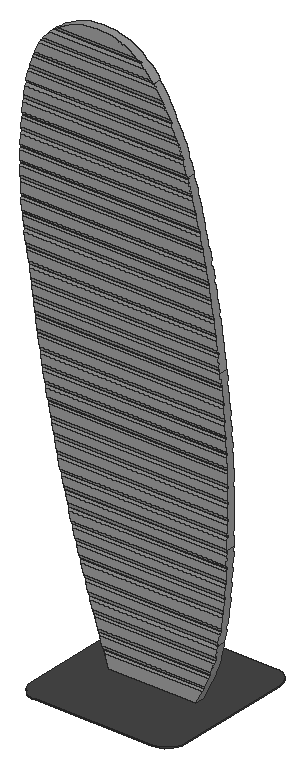
Revit family "Haworth_BuzziPlant_Surf_EU_PRELIMINARY", category Furniture, Revit 2018 (continued)
Automatic sketch dimensions
  Extrusion 34 sketch curve to plane 10 "Back Surface" = 0.1365 cm
  plane 10 "Back Surface" to Extrusion 34 sketch curve = 1.1534 cm
  plane 11 "Base Top" to Extrusion 34 sketch curve = 37.0851 cm
  Extrusion 34 sketch curve to Extrusion 34 sketch curve = 0 cm  (x2)
  Extrusion 34 sketch curve to Extrusion 34 sketch curve = 4.6064 cm
  Extrusion 34 sketch curve to Extrusion 34 sketch curve = 0.046 cm  (x2)
  Extrusion 34 sketch curve to Extrusion 34 sketch curve = 4.4592 cm  (x2)
  Extrusion 35 sketch curve to plane 9 "Front Surface" = 1.1534 cm
  plane 9 "Front Surface" to Extrusion 35 sketch curve = 0.1365 cm
  Extrusion 35 sketch curve to Extrusion 35 sketch curve = 0.1471 cm
  Extrusion 35 sketch curve to Extrusion 35 sketch curve = 0.0004 cm  (x2)
  Extrusion 35 sketch curve to plane 10 "Back Surface" = 0.2841 cm
  Extrusion 35 sketch curve to plane 10 "Back Surface" = 0.1365 cm
  plane 10 "Back Surface" to Extrusion 35 sketch curve = 1.1534 cm
  plane 11 "Base Top" to Extrusion 35 sketch curve = 32.6401 cm
  Extrusion 35 sketch curve to Extrusion 35 sketch curve = 0 cm  (x2)
  Extrusion 35 sketch curve to Extrusion 35 sketch curve = 4.6064 cm
  Extrusion 35 sketch curve to Extrusion 35 sketch curve = 0.046 cm  (x2)
  Extrusion 35 sketch curve to Extrusion 35 sketch curve = 4.4592 cm  (x2)
  Extrusion 36 sketch curve to plane 9 "Front Surface" = 1.1534 cm
  plane 9 "Front Surface" to Extrusion 36 sketch curve = 0.1365 cm
  Extrusion 36 sketch curve to Extrusion 36 sketch curve = 0.1471 cm
  Extrusion 36 sketch curve to Extrusion 36 sketch curve = 0.0004 cm  (x2)
  Extrusion 36 sketch curve to plane 10 "Back Surface" = 0.2841 cm
  Extrusion 36 sketch curve to plane 10 "Back Surface" = 0.1365 cm
  plane 10 "Back Surface" to Extrusion 36 sketch curve = 1.1534 cm
  plane 11 "Base Top" to Extrusion 36 sketch curve = 27.5601 cm
  Extrusion 36 sketch curve to Extrusion 36 sketch curve = 0 cm  (x2)
  Extrusion 36 sketch curve to Extrusion 36 sketch curve = 4.6064 cm
  Extrusion 36 sketch curve to Extrusion 36 sketch curve = 0.046 cm  (x2)
  Extrusion 36 sketch curve to Extrusion 36 sketch curve = 4.4592 cm  (x2)
  Extrusion 37 sketch curve to plane 9 "Front Surface" = 1.1534 cm
  plane 9 "Front Surface" to Extrusion 37 sketch curve = 0.1365 cm
  Extrusion 37 sketch curve to Extrusion 37 sketch curve = 0.1471 cm
  Extrusion 37 sketch curve to Extrusion 37 sketch curve = 0.0004 cm  (x2)
  Extrusion 37 sketch curve to plane 10 "Back Surface" = 0.2841 cm
  Extrusion 37 sketch curve to plane 10 "Back Surface" = 0.1365 cm
  plane 10 "Back Surface" to Extrusion 37 sketch curve = 1.1534 cm
  plane 11 "Base Top" to Extrusion 37 sketch curve = 23.1151 cm
  Extrusion 37 sketch curve to Extrusion 37 sketch curve = 0 cm  (x2)
  Extrusion 37 sketch curve to Extrusion 37 sketch curve = 4.6064 cm
  Extrusion 37 sketch curve to Extrusion 37 sketch curve = 0.046 cm  (x2)
  Extrusion 37 sketch curve to Extrusion 37 sketch curve = 4.4592 cm  (x2)
  Extrusion 38 sketch curve to plane 9 "Front Surface" = 1.1534 cm
  plane 9 "Front Surface" to Extrusion 38 sketch curve = 0.1365 cm
  Extrusion 38 sketch curve to Extrusion 38 sketch curve = 0.1471 cm
  Extrusion 38 sketch curve to Extrusion 38 sketch curve = 0.0004 cm  (x2)
  Extrusion 38 sketch curve to plane 10 "Back Surface" = 0.2841 cm
  Extrusion 38 sketch curve to plane 10 "Back Surface" = 0.1365 cm
  plane 10 "Back Surface" to Extrusion 38 sketch curve = 1.1534 cm
  plane 11 "Base Top" to Extrusion 38 sketch curve = 18.6701 cm
  Extrusion 38 sketch curve to Extrusion 38 sketch curve = 0 cm  (x2)
  Extrusion 38 sketch curve to Extrusion 38 sketch curve = 4.6064 cm
  Extrusion 38 sketch curve to Extrusion 38 sketch curve = 0.046 cm  (x2)
  Extrusion 38 sketch curve to Extrusion 38 sketch curve = 4.4592 cm  (x2)
  Extrusion 39 sketch curve to plane 9 "Front Surface" = 1.1534 cm
  plane 9 "Front Surface" to Extrusion 39 sketch curve = 0.1365 cm
  Extrusion 39 sketch curve to Extrusion 39 sketch curve = 0.1471 cm
  Extrusion 39 sketch curve to Extrusion 39 sketch curve = 0.0004 cm  (x2)
  Extrusion 39 sketch curve to plane 10 "Back Surface" = 0.2841 cm
  Extrusion 39 sketch curve to plane 10 "Back Surface" = 0.1365 cm
  plane 10 "Back Surface" to Extrusion 39 sketch curve = 1.1534 cm
  plane 11 "Base Top" to Extrusion 39 sketch curve = 13.9151 cm
  Extrusion 39 sketch curve to Extrusion 39 sketch curve = 0 cm  (x2)
  Extrusion 39 sketch curve to Extrusion 39 sketch curve = 4.6064 cm
  Extrusion 39 sketch curve to Extrusion 39 sketch curve = 0.046 cm  (x2)
  Extrusion 39 sketch curve to Extrusion 39 sketch curve = 4.4592 cm  (x2)
  plane 11 "Base Top" to Extrusion 40 sketch curve = 0.3111 cm  (x2)
  Extrusion 40 sketch curve to plane 9 "Front Surface" = 1.1534 cm
  plane 9 "Front Surface" to Extrusion 40 sketch curve = 0.1365 cm
  Extrusion 40 sketch curve to Extrusion 40 sketch curve = 0.1471 cm
  Extrusion 40 sketch curve to Extrusion 40 sketch curve = 0.0004 cm  (x2)
  Extrusion 40 sketch curve to plane 10 "Back Surface" = 0.2841 cm
  Extrusion 40 sketch curve to plane 10 "Back Surface" = 0.1365 cm
  plane 10 "Back Surface" to Extrusion 40 sketch curve = 1.1534 cm
  Extrusion 40 sketch curve to Extrusion 40 sketch curve = 4.4592 cm
  Extrusion 40 sketch curve to Extrusion 40 sketch curve = 0 cm
  Extrusion 40 sketch curve to Extrusion 40 sketch curve = 0.0474 cm  (x2)
  Extrusion 40 sketch curve to Extrusion 40 sketch curve = 4.6064 cm  (x2)
  Masking region 1 sketch curve to plane 3 "Back" = 0 cm
  plane 8 to Masking region 1 sketch curve = 10.7003 cm
  Masking region 1 sketch curve to plane 3 "Back" = 6.0325 cm  (x2)
  Masking region 1 sketch curve to plane 6 "Right" = 5.8475 cm
  Masking region 1 sketch curve to plane 4 "Front" = 6.0325 cm
  Masking region 1 sketch curve to plane 4 "Front" = 6.0283 cm
  plane 4 "Front" to Masking region 1 sketch curve = 0 cm
  Masking region 1 sketch curve to plane 9 "Front Surface" = 0 cm
  Masking region 1 sketch curve to plane 10 "Back Surface" = 0 cm
  plane 7 "Left" to Masking region 1 sketch curve = 0 cm
  Masking region 1 sketch curve to Masking region 1 sketch curve = 0 cm
  curve 1 to plane 10 "Back Surface" = 0 cm
  curve 2 to plane 9 "Front Surface" = 0 cm
  curve 1 to plane 7 "Left" = 15.2702 cm
  curve 1 to curve 2 = 0.033 cm
  plane 6 "Right" to curve 2 = 0.185 cm
  plane 6 "Right" to curve 1 = 0.185 cm
